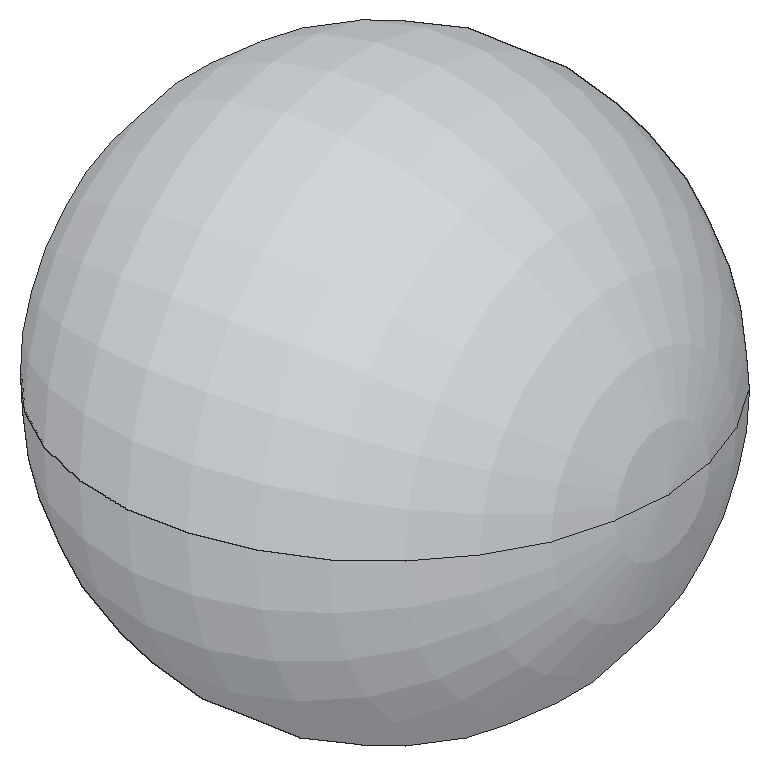
Revit family "GM_ClashMarker", category Generic Models, Revit 2020
Family settings
  Can host rebar = No
  Round Connector Dimension = Use Diameter
  Part Type = Normal
  Work Plane-Based = No
  Always vertical = Yes
  Cut with Voids When Loaded = No
  Shared = No
  Room Calculation Point = No
Parameters
  Material_ [instance] = none
  Default Elevation = 0 mm
  CRN_Z coordinate [instance] = 0
  CRN_Y coordinate [instance] = 0
  CRN_X coordinate [instance] = 0
  CRN_TestName [instance] = ""
  CRN_Status [instance] = ""
  CRN_ID2 [instance] = ""
  CRN_ID1 [instance] = ""
  CRN_Grid Location [instance] = ""
  CRN_EL2 Level [instance] = ""
  CRN_EL1 Level [instance] = ""
  CRN_Comments [instance] = ""
  CRN_CommentInfo [instance] = ""
  CRN_Clash Name [instance] = ""
  CRN_Assigned To [instance] = ""
  CRN_Approved By [instance] = ""
Reference planes
  plane 1 "Center (Front/Back)": y = 0
  plane 2: z = 0
  plane 3 "Center (Left/Right)": x = 0
Forms (mm)
  Revolve 1, solid, material <- "Material_"
    sketch origin (0, 0, 0) x (1, 0, 0) y (0, 1, 0)
      loop
        arc (350, 0) -> (0, 350) -> (-350, 0) r 350
        line (-350, 0) -> (350, 0)
      axis (350, 0) -> (-350, 0)
    angle from 0 to 360
Dimensions and locks
  aligned and locked: level to plane 2
